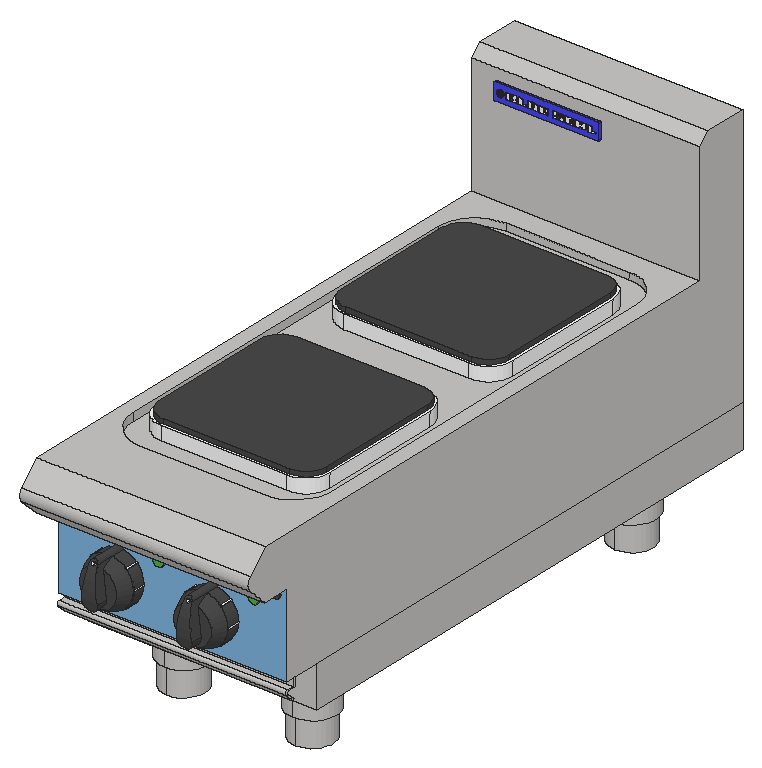
Revit family "QF_Moffat_E512S-B_Electric_Cooktop_cat", category Specialty Equipment, Revit 2019
Family settings
  Round Connector Dimension = Use Diameter
  Part Type = Normal
  Work Plane-Based = No
  Always vertical = Yes
  Cut with Voids When Loaded = No
  Shared = No
  Room Calculation Point = No
Parameters (values of type "E512S-B_240/60/1")
  Weight in Kilograms = 32
  Watts = 5280 W
  Volts = 240 V
  URL Cutsheet = ""
  Specification by User = ""
  Specification by Manufacturer = ""
  Show Logo [instance] = yes
  Serial Number = ""
  Seismic Rating = ""
  SMACNA No = ""
  Revision Code = ""
  Phase = 1
  Number of Poles = 1
  NAFEM Spec ID Number = ""
  Model = "E512S-B"
  Min Ckt Ampacity = 0 A
  Max Overcurrent Protection = 0 A
  Masterspec = ""
  Manufacturer = "Moffat"
  Length = 300 mm
  Item Number = ""
  Installed By = ""
  Identify Quantity as Lot = yes
  Height = 485 mm
  HP = ""
  Furnished By = ""
  Foodservice Equipment Identifier = yes
  FL Amps = 22 A
  Electrical Remarks = ""
  Electric Connection Type = ""
  Elec Conn RI Height = 0 mm
  Elec Conn Connection Height = 0 mm
  Description = "Electric Cooktop"
  Depth = 812.2 mm
  Cycle = 60 Hz
  Conn Plug = ""
  Conn Conduit = yes
  CSI MasterFormat = ""
  Apparent Power = if(Phase = 3, Volts * FL Amps * 1.73, Volts * FL Amps)  # 5280 VA
Types (2, lengths in mm): name | Watts | Volts | Cycle | Apparent Power
  E512S-B_240/60/1 | 5280 W | 240 V | 60 Hz | 5280 VA
  E512S-B_230/50/1 | 5060 W | 230 V | 50 Hz | 5060 VA
Reference planes
  plane 1 "BACK": y = 0
  plane 2: z = 0
  plane 3 "LEFT": x = 0
  plane 4 "RIGHT": x = 300
  plane 5 "FRONT": y = -812.2
  plane 6 "TOP": z = 485
  plane 7 "Center Y": x = 150
  plane 8 "Center X": y = -406.1
  plane 9: x = 65.5
  plane 10: x = 234.5
  plane 11: x = 87.5
  plane 12: x = 211.766
  plane 13: y = -30
  plane 14: x = 170
Forms (mm)
  Extrusion 1, solid, material "QF_Metal_Stainless_Polished"
    sketch origin (0, 0, 0) x (0, 1, 0) y (0, 0, 1)
      loop
        line (0, 140) -> (0, 485) -> (-57, 485) -> (-70, 472) -> (-70, 314.5) -> (-784.171, 314.5) -> (-808.685, 289.985)
        arc (-808.685, 289.985) -> (-812.2, 281.5) -> (-808.685, 273.015) r 12
        line (-808.685, 273.015) -> (-785.171, 249.5) -> (-749, 249.5) -> (-749, 140) -> (0, 140)
    from 0 to 300
  Extrusion 2, void
    sketch origin (0, -783.97, 314.5) x (0, 1, 0) y (-1, 0, 0)
      loop
        arc (683.77, -69) -> (669.125, -33.645) -> (633.77, -19) r 50
        line (633.77, -19) -> (133.569, -19)
        arc (133.569, -19) -> (98.214, -33.645) -> (83.569, -69) r 50
        line (83.569, -69) -> (83.569, -231)
        arc (83.569, -231) -> (98.214, -266.355) -> (133.569, -281) r 50
        line (133.569, -281) -> (633.77, -281)
        arc (633.77, -281) -> (669.125, -266.355) -> (683.77, -231) r 50
        line (683.77, -231) -> (683.77, -69)
    from 0 to -9.5
  Extrusion 3, solid, material "QF_Plastic_White_Smooth"
    sketch origin (0, -783.97, 305) x (0, 1, 0) y (-1, 0, 0)
      loop
        arc (647.77, -68) -> (638.397, -45.373) -> (615.77, -36) r 32
        line (615.77, -36) -> (451.569, -36)
        arc (451.569, -36) -> (428.942, -45.373) -> (419.569, -68) r 32
        line (419.569, -68) -> (419.569, -232)
        arc (419.569, -232) -> (428.942, -254.627) -> (451.569, -264) r 32
        line (451.569, -264) -> (615.77, -264)
        arc (615.77, -264) -> (638.397, -254.627) -> (647.77, -232) r 32
        line (647.77, -232) -> (647.77, -68)
      loop
        arc (347.569, -68) -> (338.197, -45.373) -> (315.569, -36) r 32
        line (315.569, -36) -> (151.569, -36)
        arc (151.569, -36) -> (128.942, -45.373) -> (119.569, -68) r 32
        line (119.569, -68) -> (119.569, -232)
        arc (119.569, -232) -> (128.942, -254.627) -> (151.569, -264) r 32
        line (151.569, -264) -> (315.569, -264)
        arc (315.569, -264) -> (338.197, -254.627) -> (347.569, -232) r 32
        line (347.569, -232) -> (347.569, -68)
    from 0 to 17.8
  Extrusion 4, solid, material "QF_Plastic_Black_Smooth"
    sketch origin (0, -783.97, 322.8) x (0, 1, 0) y (-1, 0, 0)
      loop
        arc (643.77, -67) -> (635.862, -47.908) -> (616.77, -40) r 27
        line (616.77, -40) -> (450.569, -40)
        arc (450.569, -40) -> (431.478, -47.908) -> (423.569, -67) r 27
        line (423.569, -67) -> (423.569, -233)
        arc (423.569, -233) -> (431.478, -252.092) -> (450.569, -260) r 27
        line (450.569, -260) -> (616.77, -260)
        arc (616.77, -260) -> (635.862, -252.092) -> (643.77, -233) r 27
        line (643.77, -233) -> (643.77, -67)
      loop
        arc (343.569, -67) -> (335.661, -47.908) -> (316.569, -40) r 27
        line (316.569, -40) -> (150.569, -40)
        arc (150.569, -40) -> (131.478, -47.908) -> (123.569, -67) r 27
        line (123.569, -67) -> (123.569, -233)
        arc (123.569, -233) -> (131.478, -252.092) -> (150.569, -260) r 27
        line (150.569, -260) -> (316.569, -260)
        arc (316.569, -260) -> (335.661, -252.092) -> (343.569, -233) r 27
        line (343.569, -233) -> (343.569, -67)
    from 0 to 6.1
  Extrusion 5, solid, material "QF_Metal_Stainless_Polished"
    sketch origin (0, 0, 0) x (0, 1, 0) y (0, 0, 1)
      loop
        line (-699, 85) -> (0, 85) -> (0, 140) -> (-699, 140) -> (-699, 85)
    from 0 to 300
  Extrusion 6, solid, material "QF_Metal_Stainless_Polished"
    sketch origin (0, 0, 0) x (0, 1, 0) y (0, 0, 1)
      loop
        line (-737.8, 140) -> (-737.8, 130) -> (-747.305, 130)
        arc (-747.305, 130) -> (-750.276, 128.015) -> (-749.579, 124.511) r 3.215
        line (-749.579, 124.511) -> (-739.05, 113.982) -> (-737.919, 115.113) -> (-748.447, 125.642)
        arc (-748.447, 125.642) -> (-748.797, 127.403) -> (-747.305, 128.4) r 1.615
        line (-747.305, 128.4) -> (-736.2, 128.4) -> (-736.2, 140) -> (-737.8, 140)
    from 0 to 300
  Extrusion 7, solid, material "QF_Metal_Stainless_Polished"
    sketch origin (150, 175.397, 1219.2) x (0, 1, 0) y (0, 0, 1)
      loop
        line (-874.397, -1109.2) -> (-896.434, -1109.2)
        arc (-896.434, -1109.2) -> (-898.034, -1110.8) -> (-896.434, -1112.4) r 1.6
        line (-896.434, -1112.4) -> (-874.397, -1112.4) -> (-874.397, -1109.2)
    from -100 to 100
  Extrusion 8, solid, material "QF_Paint_Green"
    sketch origin (0, -749, 140) x (0, 0, 1) y (-1, 0, 0)
      loop
        circle (84.8, -132.5) r 7.15
      loop
        circle (84.8, -257.5) r 7.15
    from 0 to 1.6
  Extrusion 9, solid, material "QF_Plastic_Black_Smooth"
    sketch origin (0, -749, 140) x (0, 0, 1) y (-1, 0, 0)
      loop
        circle (99.343, -13.157) r 5
      loop
        circle (99.343, -286.843) r 5
      loop
        circle (99.343, -87.5) r 5
      loop
        circle (99.343, -211.766) r 5
    from 0 to 1.6
  Extrusion 10, solid, material "QF_Metal_Stainless_Polished"
    sketch origin (-30, -697, 85) x (1, 0, 0) y (0, -1, 0)
      loop
        circle (200, -667) r 6.35
    from 0 to 1.6
Cuts and joins
  Extrusion 2 cuts Extrusion 1
Lines and regions (mm)
  symbolic lines
    curve 1: line (0, 0, 0) -> (300, 0, 0)
    curve 2: line (0, -812.2, 0) -> (0, 0, 0)
    curve 3: line (300, -812.2, 0) -> (0, -812.2, 0)
    curve 4: line (300, 0, 0) -> (300, -812.2, 0)
    curve 5: line (0, -784.171, 0) -> (300, -784.171, 0)
    curve 6: line (0, -57, 0) -> (300, -57, 0)
    curve 7: line (0, -70, 0) -> (300, -70, 0)
    curve 8: arc (19, -148.2, 0) -> (33.645, -112.845, 0) -> (69, -98.2, 0) r 50
    curve 9: line (69, -98.2, 0) -> (231, -98.2, 0)
    curve 10: arc (231, -98.2, 0) -> (266.355, -112.845, 0) -> (281, -148.2, 0) r 50
    curve 11: line (281, -148.2, 0) -> (281, -650.2, 0)
    curve 12: arc (281, -650.2, 0) -> (266.355, -685.555, 0) -> (231, -700.2, 0) r 50
    curve 13: line (231, -700.2, 0) -> (69, -700.2, 0)
    curve 14: arc (69, -700.2, 0) -> (33.645, -685.555, 0) -> (19, -650.2, 0) r 50
    curve 15: line (19, -650.2, 0) -> (19, -148.2, 0)
    curve 16: arc (68, -134.2, 0) -> (45.373, -143.573, 0) -> (36, -166.2, 0) r 32
    curve 17: line (36, -166.2, 0) -> (36, -332.2, 0)
    curve 18: arc (36, -332.2, 0) -> (45.373, -354.827, 0) -> (68, -364.2, 0) r 32
    curve 19: line (68, -364.2, 0) -> (232, -364.2, 0)
    curve 20: arc (232, -364.2, 0) -> (254.627, -354.827, 0) -> (264, -332.2, 0) r 32
    curve 21: line (264, -332.2, 0) -> (264, -166.2, 0)
    curve 22: arc (264, -166.2, 0) -> (254.627, -143.573, 0) -> (232, -134.2, 0) r 32
    curve 23: line (232, -134.2, 0) -> (68, -134.2, 0)
    curve 24: arc (67, -138.2, 0) -> (47.908, -146.108, 0) -> (40, -165.2, 0) r 27
    curve 25: line (40, -165.2, 0) -> (40, -333.2, 0)
    curve 26: arc (40, -333.2, 0) -> (47.908, -352.292, 0) -> (67, -360.2, 0) r 27
    curve 27: line (67, -360.2, 0) -> (233, -360.2, 0)
    curve 28: arc (233, -360.2, 0) -> (252.092, -352.292, 0) -> (260, -333.2, 0) r 27
    curve 29: line (260, -333.2, 0) -> (260, -165.2, 0)
    curve 30: arc (260, -165.2, 0) -> (252.092, -146.108, 0) -> (233, -138.2, 0) r 27
    curve 31: line (233, -138.2, 0) -> (67, -138.2, 0)
    curve 32: arc (68, -436.2, 0) -> (45.373, -445.573, 0) -> (36, -468.2, 0) r 32
    curve 33: line (36, -468.2, 0) -> (36, -632.2, 0)
    curve 34: arc (36, -632.2, 0) -> (45.373, -654.827, 0) -> (68, -664.2, 0) r 32
    curve 35: line (68, -664.2, 0) -> (232, -664.2, 0)
    curve 36: arc (232, -664.2, 0) -> (254.627, -654.827, 0) -> (264, -632.2, 0) r 32
    curve 37: line (264, -632.2, 0) -> (264, -468.2, 0)
    curve 38: arc (264, -468.2, 0) -> (254.627, -445.573, 0) -> (232, -436.2, 0) r 32
    curve 39: line (232, -436.2, 0) -> (68, -436.2, 0)
    curve 40: arc (67, -440.2, 0) -> (47.908, -448.108, 0) -> (40, -467.2, 0) r 27
    curve 41: line (40, -467.2, 0) -> (40, -633.2, 0)
    curve 42: arc (40, -633.2, 0) -> (47.908, -652.292, 0) -> (67, -660.2, 0) r 27
    curve 43: line (67, -660.2, 0) -> (233, -660.2, 0)
    curve 44: arc (233, -660.2, 0) -> (252.092, -652.292, 0) -> (260, -633.2, 0) r 27
    curve 45: line (260, -633.2, 0) -> (260, -467.2, 0)
    curve 46: arc (260, -467.2, 0) -> (252.092, -448.108, 0) -> (233, -440.2, 0) r 27
    curve 47: line (233, -440.2, 0) -> (67, -440.2, 0)
Dimensions and locks
  equal spacing: plane 3 "LEFT", plane 7 "Center Y", plane 4 "RIGHT"
  "Length": plane 3 "LEFT" to plane 4 "RIGHT"
  equal spacing: plane 5 "FRONT", plane 8 "Center X", plane 1 "BACK"
  "Depth": plane 5 "FRONT" to plane 1 "BACK"
  "Height": plane 6 "TOP" to level
  plane 9 to plane 10 = 169 mm
  plane 4 "RIGHT" to plane 3 "LEFT" = 300 mm
  plane 1 "BACK" to cut or joined group of Extrusion 1, Extrusion 2 = 70 mm
  plane 1 "BACK" to plane 5 "FRONT" = 812.2 mm
  plane 6 "TOP" to plane 2 = 485 mm
  cut or joined group of Extrusion 1, Extrusion 2 to plane 2 = 314.5 mm
  plane 2 to Extrusion 5 = 85 mm
  plane 1 "BACK" to nested 5 = 100 mm
  nested 5 to nested 1 = 525 mm
  plane 14 to plane 4 "RIGHT" = 130 mm
  plane 1 "BACK" to plane 13 = 30 mm
  aligned and locked: level to plane 2
Automatic sketch dimensions
  Extrusion 1 sketch curve to plane 6 "TOP" = 0 mm
  Extrusion 1 sketch curve to plane 1 "BACK" = 0 mm
  plane 1 "BACK" to Extrusion 1 sketch curve = 57 mm
  Extrusion 1 sketch curve to plane 6 "TOP" = 13 mm
  Extrusion 1 sketch curve to Extrusion 1 sketch curve = 13 mm
  Extrusion 1 sketch curve to plane 5 "FRONT" = 63.2 mm
  Extrusion 1 sketch curve to plane 5 "FRONT" = 28.029 mm
  Extrusion 1 sketch curve to plane 5 "FRONT" = 27.029 mm
  Extrusion 1 sketch curve to plane 5 "FRONT" = 12 mm
  Extrusion 1 sketch curve to plane 5 "FRONT" = 3.515 mm  (x2)
  Extrusion 1 sketch curve to plane 6 "TOP" = 170.5 mm
  Extrusion 1 sketch curve to Extrusion 1 sketch curve = 24.515 mm
  Extrusion 1 sketch curve to Extrusion 1 sketch curve = 8.485 mm
  Extrusion 1 sketch curve to Extrusion 1 sketch curve = 32 mm
  level to Extrusion 1 sketch curve = 140 mm
  Extrusion 2 sketch curve to Extrusion 1 = 83.77 mm
  Extrusion 2 sketch curve to Extrusion 2 sketch curve = 50 mm  (x2)
  Extrusion 1 to Extrusion 2 sketch curve = 80.2 mm  (x2)
  Extrusion 1 to Extrusion 2 sketch curve = 19 mm
  Extrusion 1 to Extrusion 2 sketch curve = 30.2 mm
  Extrusion 1 to Extrusion 2 sketch curve = 69 mm
  Extrusion 3 sketch curve to Extrusion 2 = 36 mm
  Extrusion 3 sketch curve to Extrusion 2 = 17 mm  (x4)
  Extrusion 3 sketch curve to Extrusion 3 sketch curve = 32 mm  (x6)
  Extrusion 3 sketch curve to Extrusion 2 = 49 mm
  Extrusion 3 sketch curve to Extrusion 3 sketch curve = 164 mm
  Extrusion 3 sketch curve to Extrusion 3 sketch curve = 72 mm
  Extrusion 3 sketch curve to Extrusion 2 = 68 mm  (x2)
  Extrusion 4 sketch curve to Extrusion 3 = 4 mm  (x8)
  Extrusion 4 sketch curve to Extrusion 3 = 31 mm  (x8)
  Extrusion 5 sketch curve to plane 1 "BACK" = 0 mm
  Extrusion 5 sketch curve to plane 5 "FRONT" = 113.2 mm
  level to Extrusion 5 sketch curve = 85 mm
  Extrusion 5 sketch curve to Extrusion 5 sketch curve = 55 mm
  Extrusion 6 sketch curve to Extrusion 6 sketch curve = 0 mm  (x2)
  Extrusion 6 sketch curve to plane 5 "FRONT" = 62.621 mm
  Extrusion 6 sketch curve to Extrusion 6 sketch curve = 1.131 mm  (x3)
  Extrusion 6 sketch curve to Extrusion 6 sketch curve = 1.142 mm  (x2)
  Extrusion 6 sketch curve to Extrusion 6 sketch curve = 10.529 mm
  Extrusion 6 sketch curve to Extrusion 6 sketch curve = 9.505 mm
  Extrusion 6 sketch curve to Extrusion 6 sketch curve = 1.6 mm
  level to Extrusion 6 sketch curve = 113.982 mm
  Extrusion 6 sketch curve to Extrusion 6 sketch curve = 10 mm
  Extrusion 7 sketch curve to plane 5 "FRONT" = 91.163 mm
  Extrusion 7 sketch curve to Extrusion 7 sketch curve = 22.037 mm
  level to Extrusion 7 sketch curve = 106.8 mm
  Extrusion 7 sketch curve to Extrusion 7 sketch curve = 1.6 mm
  Extrusion 1 to Extrusion 8 sketch curve = 24.7 mm  (x2)
  Extrusion 1 to Extrusion 8 sketch curve = 42.5 mm
  Extrusion 8 sketch curve to Extrusion 8 sketch curve = 125 mm
  Extrusion 10 sketch curve to Extrusion 5 = 30 mm
  Extrusion 10 sketch curve to Extrusion 5 = 130 mm
  curve 3 to plane 3 "LEFT" = 0 mm
  curve 3 to plane 4 "RIGHT" = 0 mm
  plane 1 "BACK" to curve 2 = 0 mm
  curve 4 to plane 5 "FRONT" = 0 mm
  curve 2 to curve 5 = 28.029 mm
  plane 13 to curve 6 = 27 mm
  curve 7 to curve 6 = 13 mm
  plane 3 "LEFT" to curve 15 = 19 mm
  curve 14 to plane 9 = 3.5 mm
  curve 8 to plane 9 = 3.5 mm
  plane 10 to curve 13 = 3.5 mm
  plane 10 to curve 9 = 3.5 mm
  plane 4 "RIGHT" to curve 11 = 19 mm
  curve 5 to curve 13 = 83.971 mm
  curve 8 to curve 7 = 78.2 mm
  curve 8 to curve 17 = 17 mm
  curve 16 to plane 9 = 2.5 mm
  curve 19 to plane 9 = 2.5 mm
  plane 10 to curve 20 = 2.5 mm
  plane 10 to curve 23 = 2.5 mm
  curve 21 to curve 10 = 17 mm
  plane 8 "Center X" to curve 19 = 41.9 mm
  curve 21 to curve 10 = 18 mm
  curve 16 to curve 25 = 4 mm
  curve 27 to plane 9 = 1.5 mm
  curve 24 to curve 16 = 1 mm
  curve 22 to curve 30 = 1 mm  (x2)
  plane 10 to curve 27 = 1.5 mm
  curve 29 to curve 20 = 4 mm
  curve 18 to curve 27 = 4 mm
  curve 15 to curve 33 = 17 mm
  curve 39 to plane 9 = 2.5 mm
  curve 34 to plane 9 = 2.5 mm
  plane 10 to curve 38 = 2.5 mm
  plane 10 to curve 36 = 2.5 mm
  curve 37 to plane 10 = 29.5 mm
  curve 35 to curve 14 = 14 mm
  curve 37 to plane 8 "Center X" = 62.1 mm
  curve 32 to curve 41 = 4 mm
  curve 47 to plane 9 = 1.5 mm
  curve 43 to plane 9 = 1.5 mm
  plane 10 to curve 43 = 1.5 mm
  curve 38 to curve 46 = 1 mm
  curve 45 to curve 36 = 4 mm
  curve 36 to curve 43 = 4 mm
  curve 32 to curve 40 = 1 mm
  Extrusion 1 to Extrusion 9 sketch curve = 10.157 mm  (x4)
  Extrusion 1 to Extrusion 9 sketch curve = 13.157 mm  (x2)
  Extrusion 9 sketch curve to Extrusion 9 sketch curve = 75.077 mm
  Extrusion 1 to Extrusion 9 sketch curve = 87.5 mm
  radius of Extrusion 8 sketch curve = 7.15 mm  (x2)
  radius of Extrusion 10 sketch curve = 6.35 mm
  radius of Extrusion 9 sketch curve = 5 mm  (x4)
Nested families
  nested 1: "Small Leg" at (33.75, -593.25, 0), type "Small Leg"
  nested 2: "Small Leg" at (266.25, -593.25, 0) x (-1, 0, 0) z (0, 0, 1), type "Small Leg"
  nested 3: "Knob" at (55.003, -749, 162.803), type "Knob"
  nested 4: "Knob" at (179.269, -749, 162.803), type "Knob"
  nested 5: "Small Leg" at (33.75, -68.25, 0), type "Small Leg"
  nested 6: "Small Leg" at (266.25, -68.25, 0) x (-1, 0, 0) z (0, 0, 1), type "Small Leg"
  nested 7: "QF_LOGO_BLue Seal" at (32, -70, 433.885), visible <- "Show Logo", type "QF_LOGO_BLue Seal"
Connectors
  electrical at (170, -30, 83.4), driven by "Volts", driven by "Watts"
    settings: on Extrusion 10, index 1, voltage 240 V, apparent load 5280 VA, apparent load phase1 0 VA, apparent load phase2 0 VA, apparent load phase3 0 VA, power factor 1, load classification "Other", number of poles 1, system type 30, power factor state 1, is connector primary yes, connector utility no, sub classification motor no, connector description "Electrical Connection"
Definition of nested family "Small Leg"
  Parameters (values of type "Small Leg")
    Weight in Pounds = 0
    URL Cutsheet = ""
    Specification by User = ""
    Specification by Manufacturer = ""
    Serial Number = ""
    Seismic Rating = ""
    SMACNA No = ""
    Revision Code = ""
    NAFEM Spec ID Number = ""
    Masterspec = ""
    Length = 63.5 mm
    Item Number = ""
    Installed By = ""
    Identify Quantity as Lot = yes
    Height = 85 mm
    Furnished By = ""
    Foodservice Equipment Identifier = yes
    Depth = 63.5 mm
    CSI MasterFormat = ""
  Reference planes
    plane 1 "BACK": y = 0
    plane 2: z = 0
    plane 3 "LEFT": x = 0
    plane 4 "RIGHT": x = 63.5
    plane 5 "FRONT": y = -63.5
    plane 6 "TOP": z = 85
    plane 7 "Center Y": x = 31.75
    plane 8 "Center X": y = -31.75
  Forms (mm)
    Revolve 1, solid
      sketch origin (31.75, 175.397, 1219.2) x (0, 1, 0) y (0, 0, 1)
        loop
          line (-207.147, -1134.2) -> (-207.147, -1219.2) -> (-179.647, -1219.2) -> (-179.647, -1184.2) -> (-175.397, -1184.2) -> (-175.397, -1134.2) -> (-207.147, -1134.2)
        axis (-207.147, -1134.2) -> (-207.147, -1219.2)
      angle from 0 to 360
  Dimensions and locks
    equal spacing: plane 3 "LEFT", plane 7 "Center Y", plane 4 "RIGHT"
    "Length": plane 3 "LEFT" to plane 4 "RIGHT"
    equal spacing: plane 5 "FRONT", plane 8 "Center X", plane 1 "BACK"
    "Depth": plane 5 "FRONT" to plane 1 "BACK"
    "Height": plane 6 "TOP" to level
    plane 4 "RIGHT" to plane 3 "LEFT" = 63.5 mm
    aligned and locked: level to plane 2
  Automatic sketch dimensions
    Revolve 1 sketch curve to plane 6 "TOP" = 0 mm
    Revolve 1 sketch curve to plane 8 "Center X" = 0 mm  (x2)
    Revolve 1 sketch curve to level = 0 mm  (x2)
    Revolve 1 sketch curve to plane 1 "BACK" = 0 mm
    Revolve 1 sketch curve to Revolve 1 sketch curve = 4.25 mm
    level to Revolve 1 sketch curve = 35 mm
    Revolve 1 sketch curve to Revolve 1 sketch curve = 20 mm
Definition of nested family "Knob"
  Parameters (values of type "Knob")
    Weight in Pounds = 0
    URL Cutsheet = ""
    Specification by User = ""
    Specification by Manufacturer = ""
    Serial Number = ""
    Seismic Rating = ""
    SMACNA No = ""
    Revision Code = ""
    NAFEM Spec ID Number = ""
    Masterspec = ""
    Length = 65 mm
    Item Number = ""
    Installed By = ""
    Identify Quantity as Lot = yes
    Height = 69.5 mm
    Furnished By = ""
    Foodservice Equipment Identifier = yes
    Depth = 59 mm
    CSI MasterFormat = ""
  Reference planes
    plane 1 "BACK": y = 0
    plane 2: z = 0
    plane 3 "LEFT": x = 0
    plane 4 "RIGHT": x = 65
    plane 5 "FRONT": y = -59
    plane 6 "TOP": z = 69.5
    plane 7 "Center Y": x = 32.5
    plane 8 "Center X": y = -29.5
  Forms (mm)
    Revolve 1, solid
      sketch origin (32.5, 175.397, 1219.2) x (0, 1, 0) y (0, 0, 1)
        loop
          line (-175.397, -1186.7) -> (-219.397, -1186.7) -> (-219.397, -1211.501) -> (-202.106, -1219.2) -> (-185.397, -1219.2) -> (-185.397, -1191.7) -> (-175.397, -1191.7) -> (-175.397, -1186.7)
        axis (-219.397, -1186.7) -> (-175.397, -1186.7)
      angle from 0 to 360
    Extrusion 2, solid
      sketch origin (32.5, 175.397, 1219.2) x (0, 1, 0) y (0, 0, 1)
        loop
          line (-202.106, -1154.2) -> (-185.397, -1154.2) -> (-185.397, -1149.7) -> (-224.105, -1149.7)
          arc (-224.105, -1149.7) -> (-233.965, -1178.467) -> (-230.696, -1208.7) r 70
          line (-230.696, -1208.7) -> (-219.397, -1208.7) -> (-219.397, -1161.899) -> (-202.106, -1154.2)
      from -15 to 15
    Extrusion 3, void
      sketch origin (0, 0, 0) x (1, 0, 0) y (0, 0, 1)
        loop
          line (27.501, 64.613) -> (22.02, 20.585)
          arc (22.02, 20.585) -> (32.792, 10.488) -> (42.986, 21.169) r 10.487
          line (42.986, 21.169) -> (37.499, 64.613)
          arc (37.499, 64.613) -> (32.5, 69.5) -> (27.501, 64.613) r 5
        loop
          line (10, 72.977) -> (10, 5.625) -> (55, 5.625) -> (55, 72.977) -> (10, 72.977)
      from 6.142 to 69.687
    Extrusion 4, solid
      sketch origin (0, -34.115, -16.916) x (1, 0, 0) y (0, 0.45399, 0.891007)
        loop
          circle (32.497, 65) r 2
      from 51.525 to 53.075
    Extrusion 5, solid
      sketch origin (32.5, -10, 32.5) x (0, 0, -1) y (-1, 0, 0)
        loop
          line (-23.54, -22.408) -> (-24.106, -22.974)
          arc (-24.106, -22.974) -> (-23.547, -23.547) -> (-22.974, -24.106) r 33.3
          line (-22.974, -24.106) -> (-22.408, -23.54)
          arc (-22.408, -23.54) -> (-22.981, -22.981) -> (-23.54, -22.408) r 32.5
        loop
          arc (-0.8, -33.29) -> (0, -33.3) -> (0.8, -33.29) r 33.3
          line (0.8, -33.29) -> (0.8, -32.49)
          arc (0.8, -32.49) -> (0, -32.5) -> (-0.8, -32.49) r 32.5
          line (-0.8, -32.49) -> (-0.8, -33.29)
        loop
          arc (23.54, -22.408) -> (22.981, -22.981) -> (22.408, -23.54) r 32.5
          line (22.408, -23.54) -> (22.974, -24.106)
          arc (22.974, -24.106) -> (23.547, -23.547) -> (24.106, -22.974) r 33.3
          line (24.106, -22.974) -> (23.54, -22.408)
        loop
          arc (-23.54, 22.408) -> (-22.981, 22.981) -> (-22.408, 23.54) r 32.5
          line (-22.408, 23.54) -> (-22.974, 24.106)
          arc (-22.974, 24.106) -> (-23.547, 23.547) -> (-24.106, 22.974) r 33.3
          line (-24.106, 22.974) -> (-23.54, 22.408)
        loop
          line (-0.8, 33.29) -> (-0.8, 32.49)
          arc (-0.8, 32.49) -> (0, 32.5) -> (0.8, 32.49) r 32.5
          line (0.8, 32.49) -> (0.8, 33.29)
          arc (0.8, 33.29) -> (0, 33.3) -> (-0.8, 33.29) r 33.3
        loop
          line (32.49, -0.8) -> (33.29, -0.8)
          arc (33.29, -0.8) -> (33.3, 0) -> (33.29, 0.8) r 33.3
          line (33.29, 0.8) -> (32.49, 0.8)
          arc (32.49, 0.8) -> (32.5, 0) -> (32.49, -0.8) r 32.5
        loop
          arc (24.106, 22.974) -> (23.547, 23.547) -> (22.974, 24.106) r 33.3
          line (22.974, 24.106) -> (22.408, 23.54)
          arc (22.408, 23.54) -> (22.981, 22.981) -> (23.54, 22.408) r 32.5
          line (23.54, 22.408) -> (24.106, 22.974)
      from 0 to -16.709
  Cuts and joins
    Extrusion 3 cuts Extrusion 2
  Dimensions and locks
    equal spacing: plane 3 "LEFT", plane 7 "Center Y", plane 4 "RIGHT"
    "Length": plane 3 "LEFT" to plane 4 "RIGHT"
    equal spacing: plane 5 "FRONT", plane 8 "Center X", plane 1 "BACK"
    "Depth": plane 5 "FRONT" to plane 1 "BACK"
    "Height": plane 6 "TOP" to level
    plane 4 "RIGHT" to plane 3 "LEFT" = 65 mm
    aligned and locked: level to plane 2
  Automatic sketch dimensions
    Revolve 1 sketch curve to level = 0 mm
    Revolve 1 sketch curve to plane 1 "BACK" = 0 mm  (x2)
    plane 1 "BACK" to Revolve 1 sketch curve = 10 mm
    plane 8 "Center X" to Revolve 1 sketch curve = 2.791 mm
    Revolve 1 sketch curve to plane 8 "Center X" = 14.5 mm
    level to Revolve 1 sketch curve = 7.699 mm
    level to Revolve 1 sketch curve = 27.5 mm
    Revolve 1 sketch curve to Revolve 1 sketch curve = 5 mm
    Revolve 1 sketch curve to Revolve 1 sketch curve = 35 mm
    Revolve 1 sketch curve to Revolve 1 sketch curve = 0 mm
    Extrusion 2 sketch curve to plane 6 "TOP" = 0 mm
    Extrusion 2 sketch curve to plane 5 "FRONT" = 3.702 mm
    Extrusion 2 sketch curve to plane 5 "FRONT" = 10.293 mm
    Extrusion 2 sketch curve to Extrusion 2 sketch curve = 11.298 mm
    plane 8 "Center X" to Extrusion 2 sketch curve = 2.791 mm
    plane 1 "BACK" to Extrusion 2 sketch curve = 10 mm
    Extrusion 2 sketch curve to plane 1 "BACK" = 11 mm
    Extrusion 2 sketch curve to plane 6 "TOP" = 4.5 mm
    Extrusion 2 sketch curve to plane 6 "TOP" = 12.199 mm
    level to Extrusion 2 sketch curve = 32.962 mm
    level to Extrusion 3 sketch curve = 5.625 mm
    Extrusion 3 sketch curve to plane 7 "Center Y" = 0 mm  (x2)
    Extrusion 3 sketch curve to plane 7 "Center Y" = 4.999 mm
    Extrusion 3 sketch curve to plane 7 "Center Y" = 10.48 mm
    plane 6 "TOP" to Extrusion 3 sketch curve = 3.477 mm
    plane 3 "LEFT" to Extrusion 3 sketch curve = 10 mm
    Extrusion 3 sketch curve to plane 6 "TOP" = 4.887 mm
    Extrusion 3 sketch curve to Extrusion 3 sketch curve = 4.999 mm
    plane 7 "Center Y" to Extrusion 3 sketch curve = 10.486 mm
    level to Extrusion 3 sketch curve = 20.585 mm
    Extrusion 3 sketch curve to Extrusion 3 sketch curve = 0.387 mm
    Extrusion 3 sketch curve to Extrusion 3 sketch curve = 0.113 mm
    plane 4 "RIGHT" to Extrusion 3 sketch curve = 10 mm
    Extrusion 5 sketch curve to Revolve 1 = 32.49 mm
    Revolve 1 to Extrusion 5 sketch curve = 32.49 mm
    Extrusion 5 sketch curve to Revolve 1 = 23.54 mm  (x2)
    Revolve 1 to Extrusion 5 sketch curve = 23.54 mm  (x2)
    Extrusion 5 sketch curve to Revolve 1 = 24.106 mm  (x2)
    Revolve 1 to Extrusion 5 sketch curve = 24.106 mm  (x2)
    Revolve 1 to Extrusion 5 sketch curve = 22.408 mm  (x2)
    Extrusion 5 sketch curve to Revolve 1 = 22.408 mm  (x2)
    Revolve 1 to Extrusion 5 sketch curve = 22.974 mm  (x2)
    Extrusion 5 sketch curve to Revolve 1 = 22.974 mm  (x2)
    Extrusion 5 sketch curve to Extrusion 5 sketch curve = 1.6 mm  (x2)
    Revolve 1 to Extrusion 5 sketch curve = 0.8 mm
    Extrusion 5 sketch curve to Revolve 1 = 0.8 mm
    Extrusion 4 sketch curve to plane 7 "Center Y" = 0.003 mm
    radius of Extrusion 5 sketch curve to Revolve 1 = 0 mm  (x7)
    radius of Revolve 1 to Extrusion 5 sketch curve = 0.8 mm  (x7)
    radius of Extrusion 4 sketch curve = 2 mm
Definition of nested family "QF_LOGO_BLue Seal"
  Parameters (values of type "QF_LOGO_BLue Seal")
    Weight in Pounds = 0
    URL Cutsheet = ""
    Specification by User = ""
    Specification by Manufacturer = ""
    Serial Number = ""
    Seismic Rating = ""
    SMACNA No = ""
    Revision Code = ""
    NAFEM Spec ID Number = ""
    Masterspec = ""
    Length = 138 mm
    Item Number = ""
    Installed By = ""
    Identify Quantity as Lot = yes
    Height = 23 mm
    Furnished By = ""
    Foodservice Equipment Identifier = yes
    Depth = 3.175 mm
    CSI MasterFormat = ""
  Reference planes
    plane 1 "BACK": y = 0
    plane 2: z = 0
    plane 3 "LEFT": x = 0
    plane 4 "RIGHT": x = 138
    plane 5 "FRONT": y = -3.175
    plane 6 "TOP": z = 23
    plane 7 "Center Y": x = 69
    plane 8 "Center X": y = -1.587
  Forms (mm)
    Extrusion 1, solid
      sketch origin (0, 0, 0) x (1, 0, 0) y (0, 0, 1)
        loop
          arc (2, 23) -> (0.586, 22.414) -> (0, 21) r 2
          line (0, 21) -> (0, 2)
          arc (0, 2) -> (0.586, 0.586) -> (2, 0) r 2
          line (2, 0) -> (136, 0)
          arc (136, 0) -> (137.414, 0.586) -> (138, 2) r 2
          line (138, 2) -> (138, 21)
          arc (138, 21) -> (137.414, 22.414) -> (136, 23) r 2
          line (136, 23) -> (2, 23)
        loop
          arc (16.625, 15.317) -> (15.943, 15.034) -> (15.66, 14.352) r 0.965
          line (15.66, 14.352) -> (15.66, 8.169)
          arc (15.66, 8.169) -> (15.953, 7.461) -> (16.66, 7.169) r 1
          line (16.66, 7.169) -> (27.958, 7.169)
          arc (27.958, 7.169) -> (29.995, 9.206) -> (27.958, 11.243) r 2.037
          arc (27.958, 11.243) -> (29.995, 13.28) -> (27.958, 15.317) r 2.037
          line (27.958, 15.317) -> (16.625, 15.317)
        loop
          line (21.163, 13.835) -> (21.163, 12.291) -> (23.596, 12.291)
          arc (23.596, 12.291) -> (24.368, 13.063) -> (23.596, 13.835) r 0.772
          line (23.596, 13.835) -> (21.163, 13.835)
        loop
          line (21.163, 8.544) -> (23.596, 8.544)
          arc (23.596, 8.544) -> (24.368, 9.316) -> (23.596, 10.089) r 0.772
          line (23.596, 10.089) -> (21.163, 10.089) -> (21.163, 8.544)
        loop
          arc (32.475, 15.317) -> (31.768, 15.024) -> (31.475, 14.317) r 1
          line (31.475, 14.317) -> (31.475, 8.169)
          arc (31.475, 8.169) -> (31.768, 7.461) -> (32.475, 7.169) r 1
          line (32.475, 7.169) -> (41.849, 7.169)
          arc (41.849, 7.169) -> (42.859, 8.178) -> (41.849, 9.188) r 1.01
          line (41.849, 9.188) -> (37.262, 9.188) -> (37.262, 14.317)
          arc (37.262, 14.317) -> (36.969, 15.024) -> (36.262, 15.317) r 1
          line (36.262, 15.317) -> (32.475, 15.317)
        loop
          arc (44.648, 15.317) -> (43.941, 15.024) -> (43.648, 14.317) r 1
          line (43.648, 14.317) -> (43.648, 9.124)
          arc (43.648, 9.124) -> (44.221, 7.741) -> (45.604, 7.169) r 1.956
          line (45.604, 7.169) -> (55.306, 7.169)
          arc (55.306, 7.169) -> (56.749, 7.766) -> (57.347, 9.209) r 2.04
          line (57.347, 9.209) -> (57.347, 14.358)
          arc (57.347, 14.358) -> (57.066, 15.036) -> (56.388, 15.317) r 0.959
          line (56.388, 15.317) -> (52.676, 15.317)
          arc (52.676, 15.317) -> (51.968, 15.024) -> (51.676, 14.317) r 1
          line (51.676, 14.317) -> (51.676, 10.17)
          arc (51.676, 10.17) -> (50.529, 9.024) -> (49.383, 10.17) r 1.146
          line (49.383, 10.17) -> (49.383, 14.317)
          arc (49.383, 14.317) -> (49.09, 15.024) -> (48.383, 15.317) r 1
          line (48.383, 15.317) -> (44.648, 15.317)
        loop
          arc (60.035, 15.317) -> (59.328, 15.024) -> (59.035, 14.317) r 1
          line (59.035, 14.317) -> (59.035, 8.169)
          arc (59.035, 8.169) -> (59.328, 7.461) -> (60.035, 7.169) r 1
          line (60.035, 7.169) -> (69.845, 7.169)
          arc (69.845, 7.169) -> (70.828, 8.152) -> (69.845, 9.135) r 0.983
          line (69.845, 9.135) -> (65.06, 9.135) -> (65.06, 10.415) -> (69.988, 10.415)
          arc (69.988, 10.415) -> (70.828, 11.255) -> (69.988, 12.095) r 0.84
          line (69.988, 12.095) -> (65.06, 12.095) -> (65.06, 13.215) -> (69.777, 13.215)
          arc (69.777, 13.215) -> (70.828, 14.266) -> (69.777, 15.317) r 1.051
          line (69.777, 15.317) -> (60.035, 15.317)
        loop
          line (77.315, 14.317) -> (77.315, 11.634)
          arc (77.315, 11.634) -> (77.608, 10.927) -> (78.315, 10.634) r 1
          line (78.315, 10.634) -> (85.957, 10.634) -> (85.957, 8.756) -> (82.871, 8.756) -> (82.871, 9.708) -> (77.315, 9.708) -> (77.315, 8.169)
          arc (77.315, 8.169) -> (77.608, 7.461) -> (78.315, 7.169) r 1
          line (78.315, 7.169) -> (90.614, 7.169)
          arc (90.614, 7.169) -> (91.321, 7.461) -> (91.614, 8.169) r 1
          line (91.614, 8.169) -> (91.614, 11.073)
          arc (91.614, 11.073) -> (91.322, 11.778) -> (90.617, 12.07) r 0.996
          line (90.617, 12.07) -> (82.871, 12.07) -> (82.871, 13.786) -> (85.957, 13.786) -> (85.957, 12.856) -> (91.614, 12.856) -> (91.614, 14.317)
          arc (91.614, 14.317) -> (91.321, 15.024) -> (90.614, 15.317) r 1
          line (90.614, 15.317) -> (78.315, 15.317)
          arc (78.315, 15.317) -> (77.608, 15.024) -> (77.315, 14.317) r 1
        loop
          arc (107.404, 15.317) -> (106.697, 15.024) -> (106.404, 14.317) r 1
          line (106.404, 14.317) -> (106.404, 8.169)
          arc (106.404, 8.169) -> (106.697, 7.461) -> (107.404, 7.169) r 1
          line (107.404, 7.169) -> (111.34, 7.169)
          arc (111.34, 7.169) -> (112.047, 7.461) -> (112.34, 8.169) r 1
          line (112.34, 8.169) -> (112.34, 9.135) -> (115.1, 9.135) -> (115.1, 8.169)
          arc (115.1, 8.169) -> (115.393, 7.461) -> (116.1, 7.169) r 1
          line (116.1, 7.169) -> (119.975, 7.169)
          arc (119.975, 7.169) -> (120.682, 7.461) -> (120.975, 8.169) r 1
          line (120.975, 8.169) -> (120.975, 14.317)
          arc (120.975, 14.317) -> (120.682, 15.024) -> (119.975, 15.317) r 1
          line (119.975, 15.317) -> (107.404, 15.317)
        loop
          arc (94.016, 15.317) -> (93.309, 15.024) -> (93.016, 14.317) r 1
          line (93.016, 14.317) -> (93.016, 8.169)
          arc (93.016, 8.169) -> (93.309, 7.461) -> (94.016, 7.169) r 1
          line (94.016, 7.169) -> (103.826, 7.169)
          arc (103.826, 7.169) -> (104.809, 8.152) -> (103.826, 9.135) r 0.983
          line (103.826, 9.135) -> (99.041, 9.135) -> (99.041, 10.415) -> (103.969, 10.415)
          arc (103.969, 10.415) -> (104.809, 11.255) -> (103.969, 12.095) r 0.84
          line (103.969, 12.095) -> (99.041, 12.095) -> (99.041, 13.215) -> (103.759, 13.215)
          arc (103.759, 13.215) -> (104.809, 14.266) -> (103.759, 15.317) r 1.051
          line (103.759, 15.317) -> (94.016, 15.317)
        loop
          line (112.34, 11.583) -> (115.1, 11.583) -> (115.1, 12.915)
          arc (115.1, 12.915) -> (114.954, 13.268) -> (114.6, 13.415) r 0.5
          line (114.6, 13.415) -> (112.84, 13.415)
          arc (112.84, 13.415) -> (112.487, 13.268) -> (112.34, 12.915) r 0.5
          line (112.34, 12.915) -> (112.34, 11.583)
        loop
          arc (123.692, 15.317) -> (122.985, 15.024) -> (122.692, 14.317) r 1
          line (122.692, 14.317) -> (122.692, 8.169)
          arc (122.692, 8.169) -> (122.985, 7.461) -> (123.692, 7.169) r 1
          line (123.692, 7.169) -> (133.067, 7.169)
          arc (133.067, 7.169) -> (134.076, 8.178) -> (133.067, 9.188) r 1.01
          line (133.067, 9.188) -> (128.479, 9.188) -> (128.479, 14.317)
          arc (128.479, 14.317) -> (128.186, 15.024) -> (127.479, 15.317) r 1
          line (127.479, 15.317) -> (123.692, 15.317)
        loop
          circle (8.135, 11.2) r 4.581
      from 0 to 3.2
    Extrusion 2, solid
      sketch origin (0, 0, 0) x (1, 0, 0) y (0, 0, 1)
        loop
          circle (8.135, 11.2) r 4.581
        loop
          line (8.289, 15.169) -> (8.289, 7.231)
          arc (8.289, 7.231) -> (12.08, 11.2) -> (8.289, 15.169) r 3.973
        loop
          arc (16.625, 15.317) -> (15.943, 15.034) -> (15.66, 14.352) r 0.965
          line (15.66, 14.352) -> (15.66, 8.169)
          arc (15.66, 8.169) -> (15.953, 7.461) -> (16.66, 7.169) r 1
          line (16.66, 7.169) -> (27.958, 7.169)
          arc (27.958, 7.169) -> (29.995, 9.206) -> (27.958, 11.243) r 2.037
          arc (27.958, 11.243) -> (29.995, 13.28) -> (27.958, 15.317) r 2.037
          line (27.958, 15.317) -> (16.625, 15.317)
        loop
          line (21.163, 12.291) -> (23.596, 12.291)
          arc (23.596, 12.291) -> (24.368, 13.063) -> (23.596, 13.835) r 0.772
          line (23.596, 13.835) -> (21.163, 13.835) -> (21.163, 12.291)
        loop
          line (23.596, 10.089) -> (21.163, 10.089) -> (21.163, 8.544) -> (23.596, 8.544)
          arc (23.596, 8.544) -> (24.368, 9.316) -> (23.596, 10.089) r 0.772
        loop
          arc (37.262, 14.317) -> (36.969, 15.024) -> (36.262, 15.317) r 1
          line (36.262, 15.317) -> (32.475, 15.317)
          arc (32.475, 15.317) -> (31.768, 15.024) -> (31.475, 14.317) r 1
          line (31.475, 14.317) -> (31.475, 8.169)
          arc (31.475, 8.169) -> (31.768, 7.461) -> (32.475, 7.169) r 1
          line (32.475, 7.169) -> (41.849, 7.169)
          arc (41.849, 7.169) -> (42.859, 8.178) -> (41.849, 9.188) r 1.01
          line (41.849, 9.188) -> (37.262, 9.188) -> (37.262, 14.317)
        loop
          arc (43.648, 9.124) -> (44.221, 7.741) -> (45.604, 7.169) r 1.956
          line (45.604, 7.169) -> (55.306, 7.169)
          arc (55.306, 7.169) -> (56.749, 7.766) -> (57.347, 9.209) r 2.04
          line (57.347, 9.209) -> (57.347, 14.358)
          arc (57.347, 14.358) -> (57.066, 15.036) -> (56.388, 15.317) r 0.959
          line (56.388, 15.317) -> (52.676, 15.317)
          arc (52.676, 15.317) -> (51.968, 15.024) -> (51.676, 14.317) r 1
          line (51.676, 14.317) -> (51.676, 10.17)
          arc (51.676, 10.17) -> (50.529, 9.024) -> (49.383, 10.17) r 1.146
          line (49.383, 10.17) -> (49.383, 14.317)
          arc (49.383, 14.317) -> (49.09, 15.024) -> (48.383, 15.317) r 1
          line (48.383, 15.317) -> (44.648, 15.317)
          arc (44.648, 15.317) -> (43.941, 15.024) -> (43.648, 14.317) r 1
          line (43.648, 14.317) -> (43.648, 9.124)
        loop
          arc (69.777, 13.215) -> (70.828, 14.266) -> (69.777, 15.317) r 1.051
          line (69.777, 15.317) -> (60.035, 15.317)
          arc (60.035, 15.317) -> (59.328, 15.024) -> (59.035, 14.317) r 1
          line (59.035, 14.317) -> (59.035, 8.169)
          arc (59.035, 8.169) -> (59.328, 7.461) -> (60.035, 7.169) r 1
          line (60.035, 7.169) -> (69.845, 7.169)
          arc (69.845, 7.169) -> (70.828, 8.152) -> (69.845, 9.135) r 0.983
          line (69.845, 9.135) -> (65.06, 9.135) -> (65.06, 10.415) -> (69.988, 10.415)
          arc (69.988, 10.415) -> (70.828, 11.255) -> (69.988, 12.095) r 0.84
          line (69.988, 12.095) -> (65.06, 12.095) -> (65.06, 13.215) -> (69.777, 13.215)
        loop
          line (82.871, 13.786) -> (85.957, 13.786) -> (85.957, 12.856) -> (91.614, 12.856) -> (91.614, 14.317)
          arc (91.614, 14.317) -> (91.321, 15.024) -> (90.614, 15.317) r 1
          line (90.614, 15.317) -> (78.315, 15.317)
          arc (78.315, 15.317) -> (77.608, 15.024) -> (77.315, 14.317) r 1
          line (77.315, 14.317) -> (77.315, 11.634)
          arc (77.315, 11.634) -> (77.608, 10.927) -> (78.315, 10.634) r 1
          line (78.315, 10.634) -> (85.957, 10.634) -> (85.957, 8.756) -> (82.871, 8.756) -> (82.871, 9.708) -> (77.315, 9.708) -> (77.315, 8.169)
          arc (77.315, 8.169) -> (77.608, 7.461) -> (78.315, 7.169) r 1
          line (78.315, 7.169) -> (90.614, 7.169)
          arc (90.614, 7.169) -> (91.321, 7.461) -> (91.614, 8.169) r 1
          line (91.614, 8.169) -> (91.614, 11.073)
          arc (91.614, 11.073) -> (91.322, 11.778) -> (90.617, 12.07) r 0.996
          line (90.617, 12.07) -> (82.871, 12.07) -> (82.871, 13.786)
        loop
          arc (103.759, 13.215) -> (104.809, 14.266) -> (103.759, 15.317) r 1.051
          line (103.759, 15.317) -> (94.016, 15.317)
          arc (94.016, 15.317) -> (93.309, 15.024) -> (93.016, 14.317) r 1
          line (93.016, 14.317) -> (93.016, 8.169)
          arc (93.016, 8.169) -> (93.309, 7.461) -> (94.016, 7.169) r 1
          line (94.016, 7.169) -> (103.826, 7.169)
          arc (103.826, 7.169) -> (104.809, 8.152) -> (103.826, 9.135) r 0.983
          line (103.826, 9.135) -> (99.041, 9.135) -> (99.041, 10.415) -> (103.969, 10.415)
          arc (103.969, 10.415) -> (104.809, 11.255) -> (103.969, 12.095) r 0.84
          line (103.969, 12.095) -> (99.041, 12.095) -> (99.041, 13.215) -> (103.759, 13.215)
        loop
          line (112.34, 12.915) -> (112.34, 11.583) -> (115.1, 11.583) -> (115.1, 12.915)
          arc (115.1, 12.915) -> (114.954, 13.268) -> (114.6, 13.415) r 0.5
          line (114.6, 13.415) -> (112.84, 13.415)
          arc (112.84, 13.415) -> (112.487, 13.268) -> (112.34, 12.915) r 0.5
        loop
          arc (119.975, 7.169) -> (120.682, 7.461) -> (120.975, 8.169) r 1
          line (120.975, 8.169) -> (120.975, 14.317)
          arc (120.975, 14.317) -> (120.682, 15.024) -> (119.975, 15.317) r 1
          line (119.975, 15.317) -> (107.404, 15.317)
          arc (107.404, 15.317) -> (106.697, 15.024) -> (106.404, 14.317) r 1
          line (106.404, 14.317) -> (106.404, 8.169)
          arc (106.404, 8.169) -> (106.697, 7.461) -> (107.404, 7.169) r 1
          line (107.404, 7.169) -> (111.34, 7.169)
          arc (111.34, 7.169) -> (112.047, 7.461) -> (112.34, 8.169) r 1
          line (112.34, 8.169) -> (112.34, 9.135) -> (115.1, 9.135) -> (115.1, 8.169)
          arc (115.1, 8.169) -> (115.393, 7.461) -> (116.1, 7.169) r 1
          line (116.1, 7.169) -> (119.975, 7.169)
        loop
          arc (122.692, 8.169) -> (122.985, 7.461) -> (123.692, 7.169) r 1
          line (123.692, 7.169) -> (133.067, 7.169)
          arc (133.067, 7.169) -> (134.076, 8.178) -> (133.067, 9.188) r 1.01
          line (133.067, 9.188) -> (128.479, 9.188) -> (128.479, 14.317)
          arc (128.479, 14.317) -> (128.186, 15.024) -> (127.479, 15.317) r 1
          line (127.479, 15.317) -> (123.692, 15.317)
          arc (123.692, 15.317) -> (122.985, 15.024) -> (122.692, 14.317) r 1
          line (122.692, 14.317) -> (122.692, 8.169)
        loop
          line (8.019, 7.227) -> (8.019, 15.172)
          arc (8.019, 15.172) -> (4.133, 11.2) -> (8.019, 7.227) r 3.973
      from 0 to 3.2
    Extrusion 3, solid
      sketch origin (0, 0, 0) x (1, 0, 0) y (0, 0, 1)
        loop
          line (8.289, 15.169) -> (8.289, 7.231)
          arc (8.289, 7.231) -> (12.08, 11.2) -> (8.289, 15.169) r 3.973
      from 0 to 3.2
    Extrusion 4, solid
      sketch origin (16.271, 0, 0) x (-1, 0, 0) y (0, 0, -1)
        loop
          arc (8.252, -15.172) -> (12.138, -11.2) -> (8.252, -7.227) r 3.973
          line (8.252, -7.227) -> (8.252, -15.172)
      from 0 to 3.2
  Dimensions and locks
    equal spacing: plane 3 "LEFT", plane 7 "Center Y", plane 4 "RIGHT"
    "Length": plane 3 "LEFT" to plane 4 "RIGHT"
    equal spacing: plane 5 "FRONT", plane 8 "Center X", plane 1 "BACK"
    "Depth": plane 5 "FRONT" to plane 1 "BACK"
    "Height": plane 6 "TOP" to level
    plane 4 "RIGHT" to plane 3 "LEFT" = 138 mm
    aligned and locked: level to plane 2
  Automatic sketch dimensions
    Extrusion 1 sketch curve to Extrusion 1 sketch curve = 0 mm  (x12)
    Extrusion 1 sketch curve to plane 3 "LEFT" = 0 mm
    Extrusion 1 sketch curve to level = 0 mm
    Extrusion 1 sketch curve to plane 6 "TOP" = 0 mm
    plane 4 "RIGHT" to Extrusion 1 sketch curve = 0 mm
    plane 3 "LEFT" to Extrusion 1 sketch curve = 2 mm
    Extrusion 1 sketch curve to Extrusion 1 sketch curve = 2 mm
    plane 3 "LEFT" to Extrusion 1 sketch curve = 8.135 mm
    Extrusion 1 sketch curve to Extrusion 1 sketch curve = 7.524 mm
    Extrusion 1 sketch curve to Extrusion 1 sketch curve = 0.965 mm
    Extrusion 1 sketch curve to Extrusion 1 sketch curve = 1 mm  (x22)
    Extrusion 1 sketch curve to Extrusion 1 sketch curve = 4.503 mm
    Extrusion 1 sketch curve to Extrusion 1 sketch curve = 2.434 mm  (x2)
    Extrusion 1 sketch curve to Extrusion 1 sketch curve = 4.362 mm
    Extrusion 1 sketch curve to Extrusion 1 sketch curve = 3.517 mm
    Extrusion 1 sketch curve to Extrusion 1 sketch curve = 3.787 mm  (x2)
    Extrusion 1 sketch curve to Extrusion 1 sketch curve = 4.787 mm
    Extrusion 1 sketch curve to Extrusion 1 sketch curve = 4.588 mm
    Extrusion 1 sketch curve to Extrusion 1 sketch curve = 1.798 mm
    Extrusion 1 sketch curve to Extrusion 1 sketch curve = 1.956 mm  (x2)
    Extrusion 1 sketch curve to Extrusion 1 sketch curve = 3.735 mm
    Extrusion 1 sketch curve to Extrusion 1 sketch curve = 3.779 mm
    Extrusion 1 sketch curve to Extrusion 1 sketch curve = 1.146 mm
    Extrusion 1 sketch curve to Extrusion 1 sketch curve = 3.631 mm
    Extrusion 1 sketch curve to Extrusion 1 sketch curve = 3.713 mm
    Extrusion 1 sketch curve to Extrusion 1 sketch curve = 0.959 mm
    Extrusion 1 sketch curve to Extrusion 1 sketch curve = 1.688 mm
    Extrusion 1 sketch curve to plane 7 "Center Y" = 3.94 mm
    plane 7 "Center Y" to Extrusion 1 sketch curve = 0.777 mm
    plane 7 "Center Y" to Extrusion 1 sketch curve = 0.845 mm
    plane 7 "Center Y" to Extrusion 1 sketch curve = 0.988 mm
    Extrusion 1 sketch curve to Extrusion 1 sketch curve = 7.327 mm
    Extrusion 1 sketch curve to Extrusion 1 sketch curve = 4.556 mm
    Extrusion 1 sketch curve to Extrusion 1 sketch curve = 3.087 mm
    Extrusion 1 sketch curve to Extrusion 1 sketch curve = 4.657 mm  (x2)
    Extrusion 1 sketch curve to Extrusion 1 sketch curve = 0.004 mm
    Extrusion 1 sketch curve to Extrusion 1 sketch curve = 0.996 mm  (x2)
    Extrusion 1 sketch curve to Extrusion 1 sketch curve = 1.402 mm
    Extrusion 1 sketch curve to Extrusion 1 sketch curve = 5.025 mm
    Extrusion 1 sketch curve to Extrusion 1 sketch curve = 4.717 mm
    Extrusion 1 sketch curve to Extrusion 1 sketch curve = 4.785 mm
    Extrusion 1 sketch curve to Extrusion 1 sketch curve = 0.211 mm
    Extrusion 1 sketch curve to Extrusion 1 sketch curve = 2.645 mm
    Extrusion 1 sketch curve to Extrusion 1 sketch curve = 3.936 mm
    Extrusion 1 sketch curve to Extrusion 1 sketch curve = 0.5 mm  (x2)
    Extrusion 1 sketch curve to Extrusion 1 sketch curve = 1.76 mm
    Extrusion 1 sketch curve to Extrusion 1 sketch curve = 2.76 mm
    Extrusion 1 sketch curve to Extrusion 1 sketch curve = 4.875 mm
    Extrusion 1 sketch curve to Extrusion 1 sketch curve = 3.875 mm
    Extrusion 1 sketch curve to Extrusion 1 sketch curve = 1.717 mm
    plane 4 "RIGHT" to Extrusion 1 sketch curve = 4.933 mm
    plane 4 "RIGHT" to Extrusion 1 sketch curve = 2 mm  (x2)
    level to Extrusion 1 sketch curve = 7.169 mm  (x5)
    Extrusion 1 sketch curve to Extrusion 1 sketch curve = 5.169 mm
    Extrusion 1 sketch curve to Extrusion 1 sketch curve = 0.983 mm  (x2)
    Extrusion 1 sketch curve to Extrusion 1 sketch curve = 1.01 mm  (x2)
    Extrusion 1 sketch curve to Extrusion 1 sketch curve = 0.376 mm
    Extrusion 1 sketch curve to Extrusion 1 sketch curve = 0.588 mm
    Extrusion 1 sketch curve to Extrusion 1 sketch curve = 0.966 mm
    Extrusion 1 sketch curve to Extrusion 1 sketch curve = 2.037 mm  (x2)
    Extrusion 1 sketch curve to Extrusion 1 sketch curve = 0.772 mm  (x2)
    Extrusion 1 sketch curve to Extrusion 1 sketch curve = 0.952 mm
    Extrusion 1 sketch curve to Extrusion 1 sketch curve = 1.046 mm
    Extrusion 1 sketch curve to Extrusion 1 sketch curve = 1.28 mm  (x2)
    Extrusion 1 sketch curve to Extrusion 1 sketch curve = 1.878 mm
    Extrusion 1 sketch curve to Extrusion 1 sketch curve = 2.905 mm
    Extrusion 1 sketch curve to Extrusion 1 sketch curve = 3.031 mm
    Extrusion 1 sketch curve to Extrusion 1 sketch curve = 0.84 mm  (x2)
    Extrusion 1 sketch curve to Extrusion 1 sketch curve = 2.448 mm
    Extrusion 1 sketch curve to Extrusion 1 sketch curve = 2.202 mm
    Extrusion 1 sketch curve to Extrusion 1 sketch curve = 0.786 mm
    Extrusion 1 sketch curve to Extrusion 1 sketch curve = 1.332 mm
    Extrusion 1 sketch curve to Extrusion 1 sketch curve = 1.12 mm  (x2)
    Extrusion 1 sketch curve to Extrusion 1 sketch curve = 1.716 mm
    Extrusion 1 sketch curve to Extrusion 1 sketch curve = 1.051 mm  (x2)
    Extrusion 1 sketch curve to Extrusion 1 sketch curve = 4.147 mm
    Extrusion 1 sketch curve to Extrusion 1 sketch curve = 5.129 mm
    Extrusion 1 sketch curve to Extrusion 1 sketch curve = 0.051 mm
    Extrusion 1 sketch curve to Extrusion 1 sketch curve = 1.037 mm
    Extrusion 1 sketch curve to Extrusion 1 sketch curve = 0.516 mm
    plane 3 "LEFT" to Extrusion 1 sketch curve = 3.555 mm
    Extrusion 2 sketch curve to Extrusion 2 sketch curve = 0 mm  (x16)
    plane 3 "LEFT" to Extrusion 2 sketch curve = 8.019 mm
    Extrusion 2 sketch curve to Extrusion 2 sketch curve = 0.088 mm
    Extrusion 2 sketch curve to Extrusion 2 sketch curve = 0.029 mm
    Extrusion 2 sketch curve to Extrusion 2 sketch curve = 0.27 mm
    Extrusion 2 sketch curve to Extrusion 2 sketch curve = 7.371 mm
    Extrusion 2 sketch curve to Extrusion 2 sketch curve = 0.965 mm
    Extrusion 2 sketch curve to Extrusion 2 sketch curve = 1 mm  (x24)
    Extrusion 2 sketch curve to Extrusion 2 sketch curve = 4.503 mm
    Extrusion 2 sketch curve to Extrusion 2 sketch curve = 2.434 mm
    Extrusion 2 sketch curve to Extrusion 2 sketch curve = 4.362 mm
    Extrusion 2 sketch curve to Extrusion 2 sketch curve = 3.517 mm
    Extrusion 2 sketch curve to Extrusion 2 sketch curve = 3.787 mm  (x2)
    Extrusion 2 sketch curve to Extrusion 2 sketch curve = 4.787 mm  (x2)
    Extrusion 2 sketch curve to Extrusion 2 sketch curve = 4.588 mm  (x2)
    Extrusion 2 sketch curve to Extrusion 2 sketch curve = 1.798 mm
    Extrusion 2 sketch curve to Extrusion 2 sketch curve = 1.956 mm
    Extrusion 2 sketch curve to Extrusion 2 sketch curve = 3.735 mm
    Extrusion 2 sketch curve to Extrusion 2 sketch curve = 1.146 mm
    Extrusion 2 sketch curve to Extrusion 2 sketch curve = 3.631 mm
    Extrusion 2 sketch curve to Extrusion 2 sketch curve = 3.713 mm
    Extrusion 2 sketch curve to Extrusion 2 sketch curve = 0.959 mm
    Extrusion 2 sketch curve to Extrusion 2 sketch curve = 1.688 mm
    Extrusion 2 sketch curve to plane 7 "Center Y" = 3.94 mm
    plane 7 "Center Y" to Extrusion 2 sketch curve = 0.777 mm
    plane 7 "Center Y" to Extrusion 2 sketch curve = 0.845 mm
    plane 7 "Center Y" to Extrusion 2 sketch curve = 0.988 mm
    Extrusion 2 sketch curve to Extrusion 2 sketch curve = 7.327 mm
    Extrusion 2 sketch curve to Extrusion 2 sketch curve = 4.556 mm
    Extrusion 2 sketch curve to Extrusion 2 sketch curve = 3.087 mm
    Extrusion 2 sketch curve to Extrusion 2 sketch curve = 4.657 mm  (x2)
    Extrusion 2 sketch curve to Extrusion 2 sketch curve = 0.004 mm
    Extrusion 2 sketch curve to Extrusion 2 sketch curve = 0.996 mm
    Extrusion 2 sketch curve to Extrusion 2 sketch curve = 1.402 mm
    Extrusion 2 sketch curve to Extrusion 2 sketch curve = 5.025 mm
    Extrusion 2 sketch curve to Extrusion 2 sketch curve = 4.717 mm
    Extrusion 2 sketch curve to Extrusion 2 sketch curve = 4.785 mm
    Extrusion 2 sketch curve to Extrusion 2 sketch curve = 0.211 mm
    Extrusion 2 sketch curve to Extrusion 2 sketch curve = 2.578 mm
    Extrusion 2 sketch curve to Extrusion 2 sketch curve = 3.936 mm
    Extrusion 2 sketch curve to Extrusion 2 sketch curve = 0.5 mm  (x2)
    Extrusion 2 sketch curve to Extrusion 2 sketch curve = 1.76 mm
    Extrusion 2 sketch curve to Extrusion 2 sketch curve = 2.76 mm
    Extrusion 2 sketch curve to Extrusion 2 sketch curve = 3.875 mm
    Extrusion 2 sketch curve to Extrusion 2 sketch curve = 4.875 mm
    Extrusion 2 sketch curve to Extrusion 2 sketch curve = 1.717 mm
    level to Extrusion 2 sketch curve = 7.169 mm  (x6)
    level to Extrusion 2 sketch curve = 7.227 mm
    Extrusion 2 sketch curve to Extrusion 2 sketch curve = 0.003 mm
    Extrusion 2 sketch curve to Extrusion 2 sketch curve = 0.983 mm  (x2)
    Extrusion 2 sketch curve to Extrusion 2 sketch curve = 1.01 mm  (x2)
    Extrusion 2 sketch curve to Extrusion 2 sketch curve = 1.376 mm
    Extrusion 2 sketch curve to Extrusion 2 sketch curve = 0.588 mm
    Extrusion 2 sketch curve to Extrusion 2 sketch curve = 0.966 mm
    Extrusion 2 sketch curve to Extrusion 2 sketch curve = 2.037 mm  (x2)
    Extrusion 2 sketch curve to Extrusion 2 sketch curve = 0.772 mm  (x2)
    Extrusion 2 sketch curve to Extrusion 2 sketch curve = 1.539 mm
    Extrusion 2 sketch curve to Extrusion 2 sketch curve = 0.961 mm
    Extrusion 2 sketch curve to Extrusion 2 sketch curve = 1.28 mm  (x2)
    Extrusion 2 sketch curve to Extrusion 2 sketch curve = 1.878 mm
    Extrusion 2 sketch curve to Extrusion 2 sketch curve = 2.905 mm
    Extrusion 2 sketch curve to Extrusion 2 sketch curve = 3.969 mm
    Extrusion 2 sketch curve to Extrusion 2 sketch curve = 0.84 mm  (x2)
    Extrusion 2 sketch curve to Extrusion 2 sketch curve = 2.448 mm
    Extrusion 2 sketch curve to Extrusion 2 sketch curve = 2.202 mm
    Extrusion 2 sketch curve to Extrusion 2 sketch curve = 2.222 mm
    Extrusion 2 sketch curve to Extrusion 2 sketch curve = 1.332 mm
    Extrusion 2 sketch curve to Extrusion 2 sketch curve = 1.12 mm  (x2)
    Extrusion 2 sketch curve to Extrusion 2 sketch curve = 0.929 mm
    Extrusion 2 sketch curve to Extrusion 2 sketch curve = 1.051 mm  (x2)
    Extrusion 2 sketch curve to Extrusion 2 sketch curve = 5.129 mm  (x2)
    Extrusion 2 sketch curve to Extrusion 2 sketch curve = 4.147 mm
    Extrusion 2 sketch curve to Extrusion 2 sketch curve = 0.516 mm
    plane 3 "LEFT" to Extrusion 2 sketch curve = 3.555 mm
    plane 3 "LEFT" to Extrusion 3 sketch curve = 8.107 mm
    Extrusion 3 sketch curve to Extrusion 3 sketch curve = 0.182 mm
    level to Extrusion 3 sketch curve = 7.231 mm
    Extrusion 3 sketch curve to Extrusion 3 sketch curve = 3.969 mm
    Extrusion 4 sketch curve to plane 3 "LEFT" = 8.107 mm
    Extrusion 4 sketch curve to Extrusion 4 sketch curve = 0.088 mm
    Extrusion 4 sketch curve to level = 7.227 mm
    Extrusion 4 sketch curve to Extrusion 4 sketch curve = 3.972 mm
